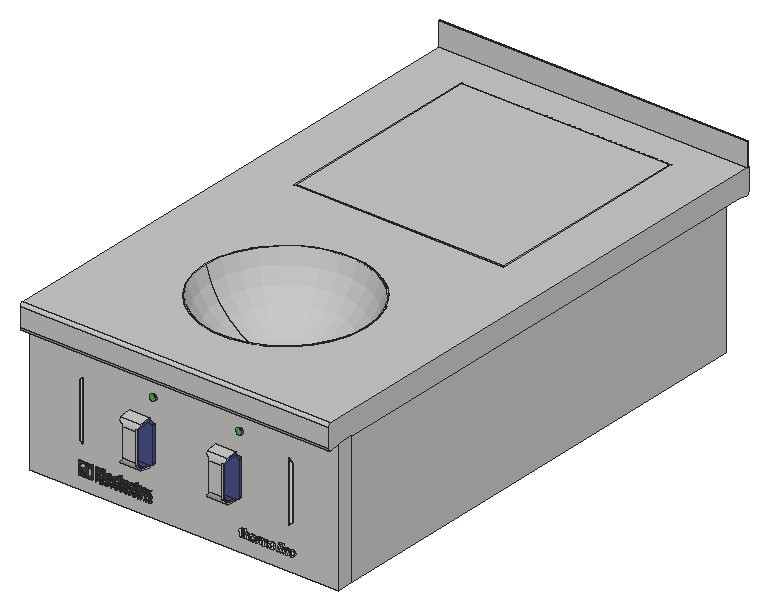
Revit family "QF_ELECTROLUXPROFESSIONAL_588512_MBIJBBEOAO", category Attrezzature speciali, Revit 2020
Family settings
  Quota connettore circolare = Usa diametro
  Tipo di parte = Normale
  Basato su piano di lavoro = No
  Sempre verticale = Sì
  Taglio con vuoti quando caricato = No
  Condiviso = No
  Punto di calcolo locali = No
Parameters (values of type "Standard")
  Weight = 24.00 kg
  Watts = 10000 W
  Volts = 400 V
  URL Manufacturer = "https://www.electroluxprofessional.com/"
  URL = "https://www.electroluxprofessional.com/"
  Steam Supply Size = 0"
  Steam Supply Minimum Pressure = 0.00 psi
  Steam Supply Maximum Pressure = 0.00 psi
  Steam Consumption per Hour = 0
  Refrigeration Suction Line Size = 0 mm
  Refrigeration Liquid Line Size = 0 mm
  Refrigerant Compressor Remote = yes
  Prospetto di default = 0 mm
  Phase = 3
  Modello = "MBIJBBEOAO"
  Produttore = "Electrolux Professional"
  Length Actual = 500 mm  # constant formula
  Item Number = "588512"
  Hot Water Size = 0"
  Height Actual = 250 mm  # constant formula
  HP = "13.4 HP"
  Gas Size = 0"
  Gas KW = 0
  Gas Input Pressure = 0.0 Btu/h
  Direct Waste Size = 0"
  Descrizione = "INDUC.WOK+PLATE,2ZONE,1S,BS,500X850X250H"
  Depth Actual = 850 mm  # constant formula
  Cycle = 50 Hz
  Condensate Return Size = 0"
  Compressed Air Volume = 0 GPM
  Compressed Air Size = 0"
  Compressed Air Pressure = 0.00 psi
  Cold Water Size = 0"
  Accessory = yes
Reference planes
  plane 1 "BACK": y = 0
  plane 2: z = 0
  plane 3 "LEFT": x = 0
  plane 4 "RIGHT": x = 500
  plane 5 "FRONT": y = -850
  plane 6 "TOP": z = 900
  plane 7 "Center (Left/Right)": x = 250
  plane 8 "Center (Back/Front)": y = -425
  plane 9: y = -150
  plane 10: x = 80
  plane 11: x = 420
  plane 12: y = -55
  plane 13: y = -395
  plane 14 "EIx": x = 455
  plane 15 "EIy": y = -635
  plane 16: z = 938
  plane 17 "BaseTop": z = 650
  plane 18: y = -805
  plane 19 "CenterWok": z = 960
  plane 20 "CenterWokY": y = -625
Forms (mm)
  Extrusion 1, solid, material "QF_Finishes_Stainless Steel"
    sketch origin (-178.969, -4572, 100) x (-1, 0, 0) y (0, -1, 0)
      loop
        line (-178.969, -4527) -> (-178.969, -3767) -> (-678.969, -3767) -> (-678.969, -4527) -> (-178.969, -4527)
    from 550 to 762.969
  Extrusion 2, solid, material "QF_Finishes_Stainless Steel"
    sketch origin (0, 0, 650) x (-1, 0, 0) y (0, -1, 0)
      loop
        circle (-455, 635) r 6.35
    from 0 to -11.851
  Extrusion 3, solid, material "QF_Finishes_Stainless Steel"
    sketch origin (250, 296.4, 1219.2) x (0, 1, 0) y (0, 0, 1)
      loop
        line (-296.4, -319.2) -> (-1141.4, -319.2)
        arc (-1141.4, -319.2) -> (-1144.935, -320.664) -> (-1146.4, -324.2) r 5
        line (-1146.4, -324.2) -> (-1146.4, -355.2)
        arc (-1146.4, -355.2) -> (-1144.971, -358.264) -> (-1141.705, -359.139) r 4
        line (-1141.705, -359.139) -> (-1126.4, -356.231) -> (-316.4, -356.231) -> (-301.094, -359.139)
        arc (-301.094, -359.139) -> (-297.829, -358.264) -> (-296.4, -355.2) r 4
        line (-296.4, -355.2) -> (-296.4, -319.2)
    from -250 to 250
  Extrusion 4, solid, material "QF_Finishes_Stainless Steel"
    sketch origin (250, 296.4, 1219.2) x (0, 1, 0) y (0, 0, 1)
      loop
        line (-296.4, -319.2) -> (-296.4, -281.2) -> (-298.4, -281.2) -> (-298.4, -319.2) -> (-296.4, -319.2)
    from 250 to -250
  Revolve 5, void
    sketch origin (0, -625, 0) x (-1, 0, 0) y (0, 0, 1)
      loop
        line (-250, 900) -> (-250, 796.046)
        arc (-250, 796.046) -> (-166.56, 825.209) -> (-119.452, 900) r 133.95
        line (-119.452, 900) -> (-250, 900)
      axis (-250, 900) -> (-250, 796.046)
    angle from 0 to 360
  Revolve 6, solid, material "QF_Finishes_Stainless Steel"
    sketch origin (0, -625, 0) x (-1, 0, 0) y (0, 0, 1)
      loop
        arc (-120.643, 900) -> (-167.423, 826.111) -> (-250, 797.321) r 132.823
        line (-250, 797.321) -> (-250, 796.252)
        arc (-250, 796.252) -> (-166.66, 825.351) -> (-119.546, 900) r 133.892
        line (-119.546, 900) -> (-120.643, 900)
      axis (-250, 796.252) -> (-250, 900)
    angle from 0 to 360
  Extrusion 7, void
    sketch origin (0, 0, 900) x (-1, 0, 0) y (0, -1, 0)
      loop
        line (-80, 55) -> (-80, 395) -> (-420, 395) -> (-420, 55) -> (-80, 55)
    from 0 to -20
  Extrusion 8, solid, material "QF_Finishes_Stainless Steel"
    sketch origin (0, 0, 900) x (-1, 0, 0) y (0, -1, 0)
      loop
        line (-82, 393) -> (-418, 393) -> (-418, 57) -> (-82, 57) -> (-82, 393)
    from 0 to -20
Cuts and joins
  Revolve 5, Extrusion 7 cuts Extrusion 3
  Revolve 5 cuts Extrusion 1
Lines and regions (mm)
  symbolic lines
    curve 1: line (0, 0, 100) -> (500, 0, 100)
    curve 2: line (0, -850, 100) -> (0, 0, 100)
    curve 3: line (500, -850, 100) -> (0, -850, 100)
    curve 4: line (500, 0, 100) -> (500, -850, 100)
    curve 5: line (0, -2, 0) -> (500, -2, 0)
    curve 6: circle (250, -625, 0) r 160 normal (0, 0, 1)
    curve 7: line (80, -55, 900) -> (420, -55, 900)
    curve 8: line (80, -395, 900) -> (80, -55, 900)
    curve 9: line (420, -395, 900) -> (80, -395, 900)
    curve 10: line (420, -55, 900) -> (420, -395, 900)
  model lines
    curve 11: line (88.477, -79.179, 900) -> (102.619, -65.037, 900)
    curve 12: line (102.619, -65.037, 900) -> (397.381, -65.037, 900)
    curve 13: line (103.636, -82.353, 900) -> (89.494, -96.495, 900)
    curve 14: line (89.494, -96.495, 900) -> (89.494, -353.505, 900)
    curve 15: line (225, -225, 900) -> (275, -225, 900)
    curve 16: line (88.477, -370.821, 900) -> (102.619, -384.963, 900)
    curve 17: line (102.619, -384.963, 900) -> (397.381, -384.963, 900)
    curve 18: line (103.636, -367.647, 900) -> (89.494, -353.505, 900)
    curve 19: line (411.523, -79.179, 900) -> (397.381, -65.037, 900)
    curve 20: line (396.364, -82.353, 900) -> (410.506, -96.495, 900)
    curve 21: line (410.506, -96.495, 900) -> (410.506, -353.505, 900)
    curve 22: line (411.523, -370.821, 900) -> (397.381, -384.963, 900)
    curve 23: line (396.364, -367.647, 900) -> (410.506, -353.505, 900)
    curve 24: line (250, -250, 900) -> (250, -200, 900)
Dimensions and locks
  plane 3 "LEFT" to plane 4 "RIGHT" = 500 mm
  locked: plane 5 "FRONT" to plane 1 "BACK" at 850
  equal spacing: plane 3 "LEFT", plane 7 "Center (Left/Right)", plane 4 "RIGHT"
  equal spacing: plane 5 "FRONT", plane 8 "Center (Back/Front)", plane 1 "BACK"
  plane 6 "TOP" to level = 900 mm  (x2)
  plane 1 "BACK" to plane 9 = 150 mm
  plane 1 "BACK" to Extrusion 2 = 635 mm
  locked: plane 14 "EIx" to plane 4 "RIGHT" at 45
  locked: plane 15 "EIy" to plane 1 "BACK" at 635
  plane 16 to plane 6 "TOP" = 38 mm
  plane 12 to plane 1 "BACK" = 55 mm
  plane 3 "LEFT" to plane 10 = 80 mm
  plane 11 to plane 4 "RIGHT" = 80 mm
  locked: plane 6 "TOP" to plane 17 "BaseTop" at 250
  locked: plane 18 to plane 5 "FRONT" at 45
  plane 19 "CenterWok" to plane 6 "TOP" = 60 mm
  plane 5 "FRONT" to plane 20 "CenterWokY" = 225 mm
  plane 13 to plane 12 = 340 mm
  aligned and locked: level to plane 2
  aligned and locked: nested 1 to plane 18
  aligned and locked: Extrusion 1 to plane 18
  aligned and locked: Extrusion 4 to plane 3 "LEFT"
  aligned and locked: Extrusion 4 to plane 4 "RIGHT"
  aligned and locked: plane 3 "LEFT" to nested 1
Automatic sketch dimensions
  Extrusion 2 sketch curve to plane 14 "EIx" = 0 mm
  Extrusion 2 sketch curve to plane 15 "EIy" = 0 mm
  Extrusion 4 sketch curve to plane 6 "TOP" = 0 mm
  Extrusion 4 sketch curve to plane 16 = 0 mm
  Extrusion 4 sketch curve to plane 1 "BACK" = 0 mm
  Extrusion 4 sketch curve to Extrusion 4 sketch curve = 2 mm
  Extrusion 7 sketch curve to plane 11 = 0 mm
  Extrusion 7 sketch curve to plane 10 = 0 mm
  plane 12 to Extrusion 7 sketch curve = 0 mm
  plane 13 to Extrusion 7 sketch curve = 0 mm
  Extrusion 8 sketch curve to plane 13 = 2 mm
  plane 11 to Extrusion 8 sketch curve = 2 mm
  Extrusion 8 sketch curve to plane 10 = 2 mm
  plane 12 to Extrusion 8 sketch curve = 2 mm
  Extrusion 3 sketch curve to plane 5 "FRONT" = 0 mm
  Extrusion 3 sketch curve to plane 6 "TOP" = 0 mm
  Extrusion 3 sketch curve to plane 1 "BACK" = 0 mm
  Extrusion 3 sketch curve to Extrusion 3 sketch curve = 4 mm
  Extrusion 3 sketch curve to Extrusion 3 sketch curve = 0.695 mm
  Extrusion 3 sketch curve to plane 5 "FRONT" = 5 mm
  Extrusion 3 sketch curve to Extrusion 3 sketch curve = 15.305 mm
  plane 1 "BACK" to Extrusion 3 sketch curve = 20 mm
  plane 1 "BACK" to Extrusion 3 sketch curve = 4.695 mm
  plane 1 "BACK" to Extrusion 3 sketch curve = 4 mm
  Extrusion 3 sketch curve to Extrusion 3 sketch curve = 31 mm
  Extrusion 3 sketch curve to Extrusion 3 sketch curve = 36 mm
  Extrusion 3 sketch curve to Extrusion 3 sketch curve = 2.909 mm
  curve 5 to plane 3 "LEFT" = 0 mm
  curve 6 to plane 7 "Center (Left/Right)" = 0 mm
  curve 5 to plane 4 "RIGHT" = 0 mm
  curve 6 to plane 20 "CenterWokY" = 0 mm
  plane 1 "BACK" to curve 5 = 2 mm
  Extrusion 1 sketch curve to plane 4 "RIGHT" = 0 mm
  Extrusion 1 sketch curve to plane 3 "LEFT" = 0 mm
  Extrusion 1 sketch curve to plane 18 = 0 mm
  Extrusion 1 sketch curve to plane 12 = 10 mm
  plane 1 "BACK" to curve 1 = 0 mm
  curve 1 to plane 4 "RIGHT" = 0 mm
  curve 3 to plane 3 "LEFT" = 0 mm
  plane 5 "FRONT" to curve 3 = 0 mm
  Revolve 5 sketch curve to plane 7 "Center (Left/Right)" = 0 mm  (x2)
  Revolve 5 sketch curve to plane 6 "TOP" = 0 mm
  Revolve 5 sketch curve to plane 10 = 39.452 mm
  Revolve 5 sketch curve to plane 6 "TOP" = 103.954 mm
  Revolve 5 sketch curve to Revolve 5 sketch curve = 0 mm
  plane 19 "CenterWok" to Revolve 5 sketch curve = 139.996 mm
  Revolve 6 sketch curve to Revolve 6 sketch curve = 0 mm  (x2)
  Revolve 6 sketch curve to plane 7 "Center (Left/Right)" = 0 mm  (x2)
  Revolve 6 sketch curve to plane 6 "TOP" = 0 mm
  Revolve 6 sketch curve to plane 10 = 40.643 mm
  Revolve 6 sketch curve to Revolve 6 sketch curve = 1.098 mm
  Revolve 6 sketch curve to plane 6 "TOP" = 102.679 mm
  Revolve 6 sketch curve to Revolve 6 sketch curve = 3.331 mm
  plane 16 to Revolve 6 sketch curve = 2.653 mm
  curve 10 to plane 11 = 0 mm
  curve 24 to plane 7 "Center (Left/Right)" = 0 mm
  curve 8 to plane 10 = 0 mm
  plane 12 to curve 7 = 0 mm
  plane 13 to curve 10 = 0 mm
  plane 11 to curve 21 = 9.494 mm
  plane 12 to curve 12 = 10.037 mm
  plane 11 to curve 12 = 22.619 mm
  curve 17 to plane 13 = 10.037 mm
  plane 11 to curve 17 = 22.619 mm
  curve 12 to plane 10 = 22.619 mm
  curve 16 to plane 10 = 22.619 mm
  curve 14 to plane 10 = 9.494 mm
  curve 11 to curve 13 = 31.458 mm
  curve 12 to curve 21 = 31.458 mm
  curve 23 to curve 17 = 31.458 mm
  curve 14 to curve 16 = 31.458 mm
  plane 11 to curve 19 = 8.477 mm
  plane 11 to curve 22 = 8.477 mm
  curve 22 to curve 23 = 15.16 mm
  curve 19 to curve 20 = 15.16 mm
  curve 15 to plane 7 "Center (Left/Right)" = 25 mm
  curve 18 to curve 16 = 1.017 mm
  curve 13 to curve 11 = 1.017 mm
  curve 11 to plane 10 = 8.477 mm
  curve 16 to plane 10 = 8.477 mm
  curve 11 to curve 13 = 17.316 mm
  curve 19 to curve 20 = 17.316 mm
  curve 11 to curve 13 = 3.173 mm
  curve 19 to curve 20 = 3.173 mm
  curve 23 to curve 17 = 17.316 mm
  curve 18 to curve 16 = 17.316 mm
  curve 18 to curve 16 = 3.173 mm
  curve 23 to curve 22 = 3.173 mm
  plane 7 "Center (Left/Right)" to curve 15 = 25 mm
  curve 24 to plane 9 = 50 mm
  curve 24 to curve 15 = 25 mm
  curve 15 to curve 24 = 25 mm
  radius of Extrusion 2 sketch curve = 6.35 mm
  radius of curve 6 = 160 mm
Nested families
  nested 1: "Front_Panel_W500_2 Knobs_Spie" at (52.376, -805, 0), type "Front_Panel_W500_2 Knobs_Spie"
Connectors
  electrical at (455, -635, 638.149)
    settings: on Extrusion 2, index 1, voltage 400 V, apparent load 33000 VA, apparent load phase1 0 VA, apparent load phase2 0 VA, apparent load phase3 0 VA, power factor 1, load classification "Other", number of poles 1, system type 30, power factor state 1, is connector primary yes, connector utility no, sub classification motor no, connector description "ELECTRICAL CONNECTION"
Definition of nested family "Front_Panel_W500_2 Knobs_Spie"
  Parameters
    Default Elevation = 0 mm
  Reference planes
    plane 1 "Center (Front/Back)": y = 0
    plane 2: z = 0
    plane 3 "Center (Left/Right)": x = 197.624
    plane 4 "Left": x = -52.376
    plane 5 "Right": x = 447.624
    plane 6: y = -45
    plane 7 "Panel": y = -25
  Forms (mm)
    Extrusion 1, solid
      sketch origin (833.217, 829.203, -1.25) x (0, 1, 0) y (0, 0, 1)
        loop
          line (-854.203, 651.25) -> (-829.203, 651.25) -> (-829.203, 864.25) -> (-854.203, 864.25) -> (-854.203, 651.25)
      from -885.593 to -385.593
    Extrusion 2, void
      sketch origin (0, -25, -10) x (0, 0, 1) y (-1, 0, 0)
        loop
          line (731.866, -27.624) -> (726.866, -32.624) -> (823.866, -32.624) -> (818.866, -27.624) -> (731.866, -27.624)
        loop
          line (731.866, -372.624) -> (818.866, -372.624) -> (823.866, -367.624) -> (726.866, -367.624) -> (731.866, -372.624)
      from 0 to -2
    Extrusion 3, solid
      sketch origin (160, -25, 1.163) x (0, 0, 1) y (-1, 0, 0)
        loop
          circle (824.337, 12.376) r 5
      from 0 to 1.7
    Extrusion 4, solid
      sketch origin (0, -25, -10) x (0, 0, 1) y (-1, 0, 0)
        loop
          line (731.866, -27.624) -> (726.866, -32.624) -> (823.866, -32.624) -> (818.866, -27.624) -> (731.866, -27.624)
        loop
          line (726.866, -367.624) -> (731.866, -372.624) -> (818.866, -372.624) -> (823.866, -367.624) -> (726.866, -367.624)
      from 0 to -2
    Extrusion 5, solid
      sketch origin (300, -25, 1.163) x (0, 0, 1) y (-1, 0, 0)
        loop
          circle (824.337, 12.376) r 5
      from 0 to 1.7
  Cuts and joins
    Extrusion 2 cuts Extrusion 1
  Dimensions and locks
    equal spacing: plane 5 "Right", plane 3 "Center (Left/Right)", plane 4 "Left"
    plane 5 "Right" to plane 4 "Left" = 500 mm
    aligned and locked: cut or joined group of Extrusion 1, Extrusion 2 to plane 4 "Left"
    aligned and locked: plane 5 "Right" to cut or joined group of Extrusion 1, Extrusion 2
  Automatic sketch dimensions
    Extrusion 1 sketch curve to plane 7 "Panel" = 0 mm
    Extrusion 1 sketch curve to plane 1 "Center (Front/Back)" = 0 mm
    level to Extrusion 1 sketch curve = 650 mm
    Extrusion 1 sketch curve to Extrusion 1 sketch curve = 213 mm
    Extrusion 2 sketch curve to plane 5 "Right" = 80 mm
    level to Extrusion 2 sketch curve = 716.866 mm
    plane 4 "Left" to Extrusion 2 sketch curve = 85 mm
    Extrusion 2 sketch curve to Extrusion 2 sketch curve = 0 mm
    plane 4 "Left" to Extrusion 2 sketch curve = 80 mm
    Extrusion 2 sketch curve to Extrusion 2 sketch curve = 5 mm  (x4)
    Extrusion 2 sketch curve to plane 5 "Right" = 75 mm
    Extrusion 2 sketch curve to Extrusion 2 sketch curve = 87 mm  (x2)
    Extrusion 3 sketch curve to plane 3 "Center (Left/Right)" = 50 mm
    level to Extrusion 3 sketch curve = 825.5 mm
    Extrusion 4 sketch curve to plane 5 "Right" = 80 mm
    level to Extrusion 4 sketch curve = 716.866 mm
    plane 4 "Left" to Extrusion 4 sketch curve = 85 mm
    Extrusion 4 sketch curve to Extrusion 4 sketch curve = 0 mm
    Extrusion 4 sketch curve to Extrusion 4 sketch curve = 5 mm  (x5)
    plane 4 "Left" to Extrusion 4 sketch curve = 80 mm
    Extrusion 4 sketch curve to Extrusion 4 sketch curve = 87 mm  (x2)
    plane 3 "Center (Left/Right)" to Extrusion 5 sketch curve = 90 mm
    level to Extrusion 5 sketch curve = 825.5 mm
    radius of Extrusion 3 sketch curve = 5 mm
    radius of Extrusion 5 sketch curve = 5 mm
  Nested families
    nested 1: "Range Control Handle" at (127.624, -28.137, -209.113) x (-1, 0, 0) z (0, 0, 1), type "Range Control Handle"
    nested 2: "ELX_ThermaLine_Small" at (328.825, -25, 679.391) x (1, 0, 0) z (0, -1, 0), type "ELX_ThermaLine_Small"
      with Show Logo yes, Material_Logo none
    nested 3: "ELX_Professional_Logo_Small" at (87.097, -25, 681.624) x (1, 0, 0) z (0, -1, 0), type "ELX_Professional_Logo_Small"
      with Show Logo yes, Material_Logo none
    nested 4: "Range Control Handle" at (267.624, -28.137, -209.113) x (-1, 0, 0) z (0, 0, 1), type "Range Control Handle"
  Definition of nested family "Range Control Handle"
    Parameters
      Default Elevation = 0 mm
    Reference planes
      plane 1 "Center (Front/Back)": y = 0
      plane 2: z = 0
      plane 3 "Center (Left/Right)": x = 0
      plane 4: z = 971.092
      plane 5: y = -16.9
    Forms (mm)
      Extrusion 1, solid
        sketch origin (-746.28, 380.497, 208.931) x (-1, 0, 0) y (0, 0, 1)
          loop
            line (-770.101, 786.798) -> (-770.101, 731.649)
            arc (-770.101, 731.649) -> (-769.759, 730.563) -> (-768.855, 729.87) r 1.893
            line (-768.855, 729.87) -> (-763.474, 727.911) -> (-729.81, 727.911) -> (-724.428, 729.87)
            arc (-724.428, 729.87) -> (-723.525, 730.563) -> (-723.183, 731.649) r 1.893
            line (-723.183, 731.649) -> (-723.183, 786.798)
            arc (-723.183, 786.798) -> (-723.529, 787.894) -> (-724.44, 788.593) r 1.91
            line (-724.44, 788.593) -> (-729.683, 790.819) -> (-763.601, 790.819) -> (-768.844, 788.593)
            arc (-768.844, 788.593) -> (-769.755, 787.894) -> (-770.101, 786.798) r 1.91
        from -382.35 to -378.852
      Sweep 2, solid
        path origin (-746.788, 380.496, 208.091) x (0, -1, 0) y (0, 0, 1)
          loop
            line (379.775, 793.281) -> (395.661, 791.048)
            arc (395.661, 791.048) -> (397.781, 787.377) -> (398.517, 783.202) r 12.207
            line (398.517, 783.202) -> (398.517, 737.368)
            arc (398.517, 737.368) -> (397.781, 733.193) -> (395.661, 729.522) r 12.207
            line (395.661, 729.522) -> (379.775, 727.289)
        profile origin (-746.788, -7.222, 1000.256) x (0, -0.139173, 0.990268) y (-1, 0, 0)
          loop
            line (0.782, -763.123) -> (0.782, -730.907) -> (-1.322, -730.907) -> (-1.322, -763.123) -> (0.782, -763.123)
      Sweep 3, solid
        path origin (-746.788, 380.715, 207.832) x (0, -1, 0) y (0, 0, 1)
          loop
            line (380.478, 795.442) -> (397.218, 793.09)
            arc (397.218, 793.09) -> (399.929, 788.473) -> (400.871, 783.202) r 15.207
            line (400.871, 783.202) -> (400.871, 737.584)
            arc (400.871, 737.584) -> (399.914, 732.274) -> (397.164, 727.633) r 15.207
            line (397.164, 727.633) -> (380.601, 725.305)
        profile origin (-746.788, -8.132, 1002.099) x (0, -0.139173, 0.990268) y (-1, 0, 0)
          loop
            line (0.782, -763.123) -> (0.782, -730.907) -> (-1.322, -730.907) -> (-1.322, -763.123) -> (0.782, -763.123)
      Extrusion 4, void
        sketch origin (889.253, 220.666, 207.993) x (1, 0, 0) y (0, 0, 1)
          loop
            line (-943.038, 816.854) -> (-943.038, 703.686) -> (-899.466, 734.196) -> (-899.466, 786.344) -> (-943.038, 816.854)
        from 230.636 to 242.25
      Extrusion 5, void
        sketch origin (-888.8, 220.666, 207.993) x (-1, 0, 0) y (0, 0, -1)
          loop
            line (-943.038, -816.854) -> (-899.466, -786.344) -> (-899.466, -734.196) -> (-943.038, -703.686) -> (-943.038, -816.854)
        from 230.636 to 242.25
      Extrusion 6, solid
        sketch origin (0, 0, 0) x (1, 0, 0) y (0, 0, 1)
          loop
            circle (0, 971.092) r 7.736
        from -3.137 to -1.645
    Cuts and joins
      Extrusion 4, Extrusion 5 cuts Sweep 3
      Extrusion 4, Extrusion 5 cuts Sweep 2
      joined: Extrusion 1, Extrusion 6
    Lines and regions (mm)
      symbolic lines
        curve 1: line (16.334, -16.9, 0) -> (16.334, -19.227, 0)
        curve 2: spline (16.334, -19.227, 0) -> (15.87, -19.385, 0) -> (15.404, -19.536, 0) -> (14.936, -19.678, 0) -> (14.466, -19.813, 0) -> (13.995, -19.94, 0) -> (13.523, -20.059, 0) -> (13.049, -20.171, 0) -> (12.575, -20.274, 0) -> (12.099, -20.37, 0) -> (11.622, -20.458, 0) -> (11.144, -20.537, 0) -> (10.666, -20.609, 0)
        curve 3: line (10.666, -16.9, 0) -> (10.666, -20.938, 0)
        curve 4: line (-10.213, -20.938, 0) -> (10.666, -20.938, 0)
        curve 5: line (-10.213, -20.938, 0) -> (-10.213, -16.9, 0)
        curve 6: spline (-10.213, -20.609, 0) -> (-10.691, -20.537, 0) -> (-11.169, -20.458, 0) -> (-11.646, -20.37, 0) -> (-12.122, -20.274, 0) -> (-12.597, -20.171, 0) -> (-13.07, -20.059, 0) -> (-13.542, -19.94, 0) -> (-14.013, -19.813, 0) -> (-14.483, -19.678, 0) -> (-14.951, -19.536, 0) -> (-15.417, -19.385, 0) -> (-15.881, -19.227, 0)
        curve 7: line (-15.881, -19.227, 0) -> (-15.881, -16.9, 0)
  Definition of nested family "ELX_ThermaLine_Small"
    Parameters
      Show Logo [instance] = yes
      Material_Logo [instance] = none
      Default Elevation = 0 mm
    Reference planes
      plane 1 "Centro (Fronte/Retro)": y = 0
      plane 2: z = 0
      plane 3 "Centro (Sinistra/Destra)": x = 0
    Forms (mm)
      Extrusion 1, solid
        sketch origin (0, 0, 0) x (1, 0, 0) y (0, 1, 0)
          loop
            line (-1219.2, 1219.2) -> (-1219.2, -1219.2) -> (1219.2, -1219.2) -> (1219.2, 1219.2) -> (-1219.2, 1219.2)
        from 0 to -304.8
      Extrusion 2, solid
        sketch origin (0, 0, 0) x (1, 0, 0) y (0, 1, 0)
          loop
            line (-37.494, 1.229) -> (-35.908, 1.229) -> (-35.908, 3.066) -> (-37.494, 3.066) -> (-37.494, 6.221) -> (-39.867, 4.881) -> (-39.867, 3.066) -> (-40.969, 3.066) -> (-40.969, 1.229) -> (-39.867, 1.229) -> (-39.867, -3.407)
            arc (-39.867, -3.407) -> (-38.982, -5.513) -> (-36.751, -6.001) r 2.478
            line (-36.751, -6.001) -> (-35.638, -5.7) -> (-35.9, -3.835) -> (-36.661, -4.039)
            arc (-36.661, -4.039) -> (-37.236, -3.924) -> (-37.494, -3.399) r 0.662
            line (-37.494, -3.399) -> (-37.494, 1.229)
          loop
            line (-34.242, 6.539) -> (-34.242, -5.848) -> (-31.854, -5.848) -> (-31.854, -0.078)
            arc (-31.854, -0.078) -> (-30.939, 1.249) -> (-29.33, 1.367) r 1.866
            arc (-29.33, 1.367) -> (-28.695, 0.768) -> (-28.461, -0.073) r 1.627
            line (-28.461, -0.073) -> (-28.461, -5.848) -> (-26.086, -5.848) -> (-26.064, -0.46)
            arc (-26.064, -0.46) -> (-26.261, 0.932) -> (-26.786, 2.237) r 5.825
            arc (-26.786, 2.237) -> (-29.381, 3.264) -> (-31.854, 1.971) r 3.353
            line (-31.854, 1.971) -> (-31.854, 6.539) -> (-34.242, 6.539)
          loop
            arc (-18.398, -0.598) -> (-18.893, 0.879) -> (-20.326, 1.487) r 1.897
            arc (-20.326, 1.487) -> (-21.461, 0.708) -> (-21.897, -0.598) r 2.164
            line (-21.897, -0.598) -> (-18.398, -0.598)
          loop
            arc (-16.021, -2.044) -> (-16.754, 1.227) -> (-19.444, 3.226) r 4.814
            arc (-19.444, 3.226) -> (-22.137, 2.788) -> (-23.943, 0.743) r 4.054
            arc (-23.943, 0.743) -> (-24.382, -1.249) -> (-24.162, -3.276) r 6.289
            arc (-24.162, -3.276) -> (-23.302, -4.71) -> (-21.958, -5.705) r 4.28
            arc (-21.958, -5.705) -> (-18.558, -5.814) -> (-16.152, -3.409) r 4.28
            line (-16.152, -3.409) -> (-18.5, -2.995)
            arc (-18.5, -2.995) -> (-19.273, -3.994) -> (-20.533, -4.076) r 1.536
            arc (-20.533, -4.076) -> (-21.56, -3.281) -> (-21.958, -2.044) r 2.197
            line (-21.958, -2.044) -> (-16.021, -2.044)
          loop
            line (-14.165, -5.848) -> (-11.819, -5.848) -> (-11.819, -2.138)
            arc (-11.819, -2.138) -> (-11.787, -1.156) -> (-11.637, -0.185) r 8.18
            arc (-11.637, -0.185) -> (-10.644, 0.972) -> (-9.132, 0.776) r 1.603
            line (-9.132, 0.776) -> (-8.419, 2.846)
            arc (-8.419, 2.846) -> (-10.432, 3.118) -> (-11.994, 1.821) r 2.527
            line (-11.994, 1.821) -> (-11.994, 3.094) -> (-14.165, 3.094) -> (-14.165, -5.848)
          loop
            line (-7.579, 3.094) -> (-7.579, -5.848) -> (-5.178, -5.848) -> (-5.178, -0.756)
            arc (-5.178, -0.756) -> (-4.727, 0.679) -> (-3.417, 1.419) r 2.05
            arc (-3.417, 1.419) -> (-2.499, 0.908) -> (-2.155, -0.085) r 1.471
            line (-2.155, -0.085) -> (-2.155, -5.848) -> (0.23, -5.848) -> (0.23, -1.001)
            arc (0.23, -1.001) -> (0.47, 0.127) -> (1.148, 1.061) r 2.775
            arc (1.148, 1.061) -> (2.225, 1.329) -> (3.05, 0.587) r 1.182
            arc (3.05, 0.587) -> (3.199, -0.019) -> (3.214, -0.642) r 2.894
            line (3.214, -0.642) -> (3.214, -5.848) -> (5.601, -5.848) -> (5.601, 0.261)
            arc (5.601, 0.261) -> (4.87, 2.263) -> (2.976, 3.241) r 2.932
            arc (2.976, 3.241) -> (1.284, 2.973) -> (-0.047, 1.896) r 3.309
            arc (-0.047, 1.896) -> (-1.116, 2.865) -> (-2.506, 3.258) r 3.16
            arc (-2.506, 3.258) -> (-4.105, 2.942) -> (-5.376, 1.92) r 3.419
            line (-5.376, 1.92) -> (-5.376, 3.094) -> (-7.579, 3.094)
          loop
            line (7.583, 0.738) -> (9.702, 0.364)
            arc (9.702, 0.364) -> (11.441, 1.492) -> (12.855, -0.023) r 1.613
            line (12.855, -0.023) -> (9.782, -0.789)
            arc (9.782, -0.789) -> (8.559, -1.346) -> (7.617, -2.305) r 3.687
            arc (7.617, -2.305) -> (7.499, -3.681) -> (7.901, -5.003) r 3.651
            arc (7.901, -5.003) -> (9.107, -5.766) -> (10.515, -6.006) r 3.635
            arc (10.515, -6.006) -> (11.898, -5.697) -> (13.067, -4.895) r 3.734
            line (13.067, -4.895) -> (13.376, -5.848) -> (15.75, -5.848) -> (15.212, -4.193) -> (15.212, 0.38)
            arc (15.212, 0.38) -> (14.897, 1.849) -> (13.818, 2.895) r 2.585
            arc (13.818, 2.895) -> (11.792, 3.442) -> (9.719, 3.11) r 5.005
            arc (9.719, 3.11) -> (8.369, 2.178) -> (7.583, 0.738) r 3.54
          loop
            line (19.723, -5.848) -> (22.233, -5.848) -> (24.854, 6.484) -> (22.345, 6.484) -> (19.723, -5.848)
          loop
            line (24.583, -5.848) -> (26.953, -5.848) -> (28.848, 3.066) -> (26.478, 3.066) -> (24.583, -5.848)
          loop
            line (27.204, 6.484) -> (26.741, 4.305) -> (29.111, 4.305) -> (29.575, 6.484) -> (27.204, 6.484)
          loop
            line (29.355, -5.848) -> (31.849, -5.848) -> (33.098, 0.028)
            arc (33.098, 0.028) -> (34.169, 1.306) -> (35.832, 1.422) r 2.132
            arc (35.832, 1.422) -> (36.324, 0.752) -> (36.383, -0.078) r 1.5
            line (36.383, -0.078) -> (35.157, -5.848) -> (37.536, -5.848) -> (38.936, 0.738)
            arc (38.936, 0.738) -> (38.775, 2.091) -> (37.825, 3.066) r 2.118
            arc (37.825, 3.066) -> (35.392, 3.175) -> (33.295, 1.937) r 4.271
            line (33.295, 1.937) -> (33.535, 3.066) -> (31.25, 3.066) -> (29.355, -5.848)
          loop
            line (42.792, -0.64) -> (46.589, -0.64)
            arc (46.589, -0.64) -> (46.639, 0.124) -> (46.327, 0.823) r 1.589
            arc (46.327, 0.823) -> (45.117, 1.521) -> (43.762, 1.183) r 1.865
            arc (43.762, 1.183) -> (43.141, 0.344) -> (42.792, -0.64) r 3.538
          loop
            line (42.565, -2.138) -> (48.593, -2.138)
            arc (48.593, -2.138) -> (48.58, 0.597) -> (46.983, 2.818) r 4.494
            arc (46.983, 2.818) -> (44.191, 3.28) -> (41.725, 1.891) r 4.26
            arc (41.725, 1.891) -> (40.503, -0.3) -> (40.284, -2.799) r 6.003
            arc (40.284, -2.799) -> (40.959, -4.468) -> (42.377, -5.576) r 3.482
            arc (42.377, -5.576) -> (44.265, -5.961) -> (46.152, -5.576) r 4.823
            arc (46.152, -5.576) -> (47.432, -4.731) -> (48.328, -3.485) r 4.245
            line (48.328, -3.485) -> (46.168, -3.105)
            arc (46.168, -3.105) -> (45.214, -4.072) -> (43.859, -4.181) r 1.953
            arc (43.859, -4.181) -> (42.821, -3.408) -> (42.565, -2.138) r 1.81
          loop
            line (12.868, -1.553) -> (10.216, -2.214)
            arc (10.216, -2.214) -> (9.747, -3.136) -> (10.216, -4.058) r 1.14
            arc (10.216, -4.058) -> (11.537, -4.249) -> (12.614, -3.46) r 1.763
            arc (12.614, -3.46) -> (12.858, -2.522) -> (12.868, -1.553) r 3.97
        from 0 to 1.6
    Dimensions and locks
      aligned and locked: plane 2 to Extrusion 1
      aligned and locked: level to Extrusion 1
  Definition of nested family "ELX_Professional_Logo_Small"
    Parameters
      Show Logo [instance] = yes
      Material_Logo [instance] = none
      Default Elevation = 0 mm
    Reference planes
      plane 1 "Centro (Fronte/Retro)": y = 0
      plane 2: z = 0
      plane 3 "Centro (Sinistra/Destra)": x = 0
    Forms (mm)
      Extrusion 1, solid
        sketch origin (0, 0, 0) x (1, 0, 0) y (0, 1, 0)
          loop
            line (-1219.2, 1219.2) -> (-1219.2, -1219.2) -> (1219.2, -1219.2) -> (1219.2, 1219.2) -> (-1219.2, 1219.2)
        from 0 to -304.8
      Extrusion 2, solid, material <- "Material_Logo"
        sketch origin (15.5, 0, 0) x (1, 0, 0) y (0, 1, 0)
          loop
            spline (-42.99, -1.24) -> (-43.195, -1.231) -> (-43.415, -1.203) -> (-43.642, -1.152) -> (-43.87, -1.074) -> (-44.095, -0.966) -> (-44.309, -0.825) -> (-44.506, -0.647) -> (-44.681, -0.429) -> (-44.828, -0.167) -> (-44.94, 0.142) -> (-45.011, 0.501) -> (-45.037, 0.915)
            line (-45.037, 0.915) -> (-45.037, 2.748) -> (-38.984, 2.748) -> (-38.984, 5.086) -> (-45.038, 5.086) -> (-45.038, 8.489) -> (-38.599, 8.489) -> (-38.599, 10.82) -> (-47.515, 10.82) -> (-47.515, 1.021)
            spline (-47.515, 1.021) -> (-47.493, 0.418) -> (-47.425, -0.15) -> (-47.311, -0.682) -> (-47.15, -1.175) -> (-46.939, -1.628) -> (-46.678, -2.038) -> (-46.365, -2.404) -> (-46, -2.723) -> (-45.58, -2.995) -> (-45.105, -3.216) -> (-44.573, -3.385) -> (-43.983, -3.499)
            line (-43.983, -3.499) -> (-43.01, -3.569) -> (-38.426, -3.569) -> (-38.426, -1.24) -> (-42.99, -1.24)
          loop
            line (-36.666, 4.021) -> (-36.666, -3.573) -> (-34.188, -3.573) -> (-34.188, 10.824) -> (-36.666, 10.824) -> (-36.666, 4.021)
          loop
            spline (-21.915, 1.897) -> (-21.957, 2.615) -> (-22.082, 3.303) -> (-22.285, 3.955) -> (-22.563, 4.564) -> (-22.913, 5.124) -> (-23.331, 5.629) -> (-23.814, 6.074) -> (-24.359, 6.451) -> (-24.961, 6.755) -> (-25.618, 6.98) -> (-26.326, 7.119) -> (-27.081, 7.167)
            spline (-27.081, 7.167) -> (-27.853, 7.122) -> (-28.586, 6.99) -> (-29.275, 6.774) -> (-29.915, 6.478) -> (-30.5, 6.104) -> (-31.024, 5.657) -> (-31.483, 5.138) -> (-31.871, 4.553) -> (-32.182, 3.904) -> (-32.411, 3.194) -> (-32.552, 2.427) -> (-32.6, 1.606)
            spline (-32.6, 1.606) -> (-32.553, 0.805) -> (-32.416, 0.057) -> (-32.193, -0.637) -> (-31.887, -1.271) -> (-31.504, -1.843) -> (-31.048, -2.35) -> (-30.523, -2.788) -> (-29.934, -3.154) -> (-29.284, -3.444) -> (-28.579, -3.656) -> (-27.822, -3.785) -> (-27.019, -3.829)
            spline (-27.019, -3.829) -> (-26.627, -3.82) -> (-26.239, -3.79) -> (-25.856, -3.739) -> (-25.477, -3.663) -> (-25.103, -3.562) -> (-24.734, -3.432) -> (-24.369, -3.273) -> (-24.01, -3.082) -> (-23.655, -2.858) -> (-23.305, -2.597) -> (-22.96, -2.299) -> (-22.621, -1.962)
            line (-22.621, -1.962) -> (-24.114, -0.509)
            spline (-24.114, -0.509) -> (-24.311, -0.699) -> (-24.509, -0.872) -> (-24.71, -1.03) -> (-24.915, -1.172) -> (-25.126, -1.297) -> (-25.346, -1.407) -> (-25.576, -1.5) -> (-25.817, -1.576) -> (-26.072, -1.636) -> (-26.342, -1.678) -> (-26.629, -1.704) -> (-26.936, -1.713)
            spline (-26.936, -1.713) -> (-27.384, -1.691) -> (-27.805, -1.625) -> (-28.196, -1.518) -> (-28.556, -1.372) -> (-28.882, -1.187) -> (-29.174, -0.966) -> (-29.429, -0.71) -> (-29.645, -0.422) -> (-29.821, -0.102) -> (-29.955, 0.247) -> (-30.045, 0.623) -> (-30.089, 1.026)
            line (-30.089, 1.026) -> (-21.956, 1.026) -> (-21.915, 1.897)
          loop
            spline (-24.446, 2.769) -> (-24.47, 3.075) -> (-24.54, 3.37) -> (-24.654, 3.65) -> (-24.807, 3.913) -> (-24.996, 4.156) -> (-25.219, 4.376) -> (-25.472, 4.57) -> (-25.753, 4.736) -> (-26.057, 4.869) -> (-26.382, 4.968) -> (-26.724, 5.03) -> (-27.081, 5.051)
            spline (-27.081, 5.051) -> (-27.464, 5.03) -> (-27.832, 4.97) -> (-28.183, 4.872) -> (-28.513, 4.74) -> (-28.819, 4.577) -> (-29.099, 4.384) -> (-29.347, 4.165) -> (-29.563, 3.923) -> (-29.742, 3.659) -> (-29.881, 3.377) -> (-29.977, 3.079) -> (-30.027, 2.769)
            line (-30.027, 2.769) -> (-24.446, 2.769)
          loop
            spline (-18.167, 1.669) -> (-18.138, 2.13) -> (-18.055, 2.567) -> (-17.921, 2.978) -> (-17.739, 3.358) -> (-17.512, 3.705) -> (-17.243, 4.016) -> (-16.937, 4.287) -> (-16.596, 4.517) -> (-16.223, 4.7) -> (-15.823, 4.835) -> (-15.398, 4.919) -> (-14.951, 4.947)
            spline (-14.951, 4.947) -> (-14.677, 4.938) -> (-14.414, 4.913) -> (-14.162, 4.871) -> (-13.921, 4.812) -> (-13.69, 4.738) -> (-13.467, 4.649) -> (-13.254, 4.544) -> (-13.048, 4.424) -> (-12.85, 4.291) -> (-12.659, 4.143) -> (-12.474, 3.981) -> (-12.295, 3.806)
            line (-12.295, 3.806) -> (-10.76, 5.403)
            spline (-10.76, 5.403) -> (-11.065, 5.709) -> (-11.38, 5.984) -> (-11.703, 6.228) -> (-12.035, 6.443) -> (-12.375, 6.63) -> (-12.723, 6.788) -> (-13.078, 6.92) -> (-13.44, 7.026) -> (-13.809, 7.107) -> (-14.184, 7.164) -> (-14.564, 7.198) -> (-14.951, 7.209)
            spline (-14.951, 7.209) -> (-15.725, 7.161) -> (-16.467, 7.02) -> (-17.169, 6.792) -> (-17.826, 6.482) -> (-18.43, 6.096) -> (-18.976, 5.637) -> (-19.455, 5.112) -> (-19.862, 4.525) -> (-20.19, 3.882) -> (-20.433, 3.189) -> (-20.584, 2.449) -> (-20.635, 1.669)
            spline (-20.635, 1.669) -> (-20.584, 0.889) -> (-20.433, 0.149) -> (-20.19, -0.545) -> (-19.862, -1.187) -> (-19.455, -1.774) -> (-18.976, -2.299) -> (-18.43, -2.758) -> (-17.826, -3.145) -> (-17.169, -3.454) -> (-16.467, -3.682) -> (-15.725, -3.823) -> (-14.951, -3.871)
            spline (-14.951, -3.871) -> (-14.564, -3.86) -> (-14.184, -3.826) -> (-13.809, -3.77) -> (-13.44, -3.689) -> (-13.078, -3.583) -> (-12.723, -3.451) -> (-12.375, -3.292) -> (-12.035, -3.105) -> (-11.703, -2.89) -> (-11.38, -2.646) -> (-11.065, -2.371) -> (-10.76, -2.066)
            line (-10.76, -2.066) -> (-12.295, -0.468)
            spline (-12.295, -0.468) -> (-12.474, -0.643) -> (-12.659, -0.805) -> (-12.85, -0.953) -> (-13.048, -1.087) -> (-13.254, -1.206) -> (-13.467, -1.311) -> (-13.69, -1.4) -> (-13.921, -1.475) -> (-14.162, -1.533) -> (-14.414, -1.575) -> (-14.677, -1.6) -> (-14.951, -1.609)
            spline (-14.951, -1.609) -> (-15.398, -1.581) -> (-15.823, -1.497) -> (-16.223, -1.362) -> (-16.596, -1.179) -> (-16.937, -0.95) -> (-17.243, -0.678) -> (-17.512, -0.367) -> (-17.739, -0.02) -> (-17.921, 0.36) -> (-18.055, 0.771) -> (-18.138, 1.208) -> (-18.167, 1.669)
          loop
            spline (-4.441, -1.243) -> (-4.659, -1.247) -> (-4.894, -1.23) -> (-5.137, -1.19) -> (-5.384, -1.121) -> (-5.628, -1.021) -> (-5.864, -0.884) -> (-6.084, -0.708) -> (-6.283, -0.488) -> (-6.454, -0.219) -> (-6.592, 0.101) -> (-6.69, 0.478) -> (-6.742, 0.914)
            line (-6.742, 0.914) -> (-6.742, 4.587) -> (-4.487, 4.587) -> (-4.487, 6.838) -> (-6.738, 6.838) -> (-6.738, 10.824) -> (-9.217, 10.824) -> (-9.217, 0.773)
            spline (-9.217, 0.773) -> (-9.164, 0.19) -> (-9.068, -0.358) -> (-8.928, -0.87) -> (-8.742, -1.343) -> (-8.511, -1.777) -> (-8.232, -2.168) -> (-7.904, -2.515) -> (-7.527, -2.816) -> (-7.098, -3.069) -> (-6.618, -3.273) -> (-6.084, -3.426) -> (-5.496, -3.525)
            line (-5.496, -3.525) -> (-4.45, -3.573) -> (-4.441, -1.243)
          loop
            spline (3.898, 6.983) -> (3.469, 7.009) -> (3.056, 7.001) -> (2.661, 6.961) -> (2.283, 6.888) -> (1.925, 6.785) -> (1.588, 6.652) -> (1.272, 6.49) -> (0.979, 6.301) -> (0.71, 6.085) -> (0.465, 5.844) -> (0.247, 5.578) -> (0.056, 5.289)
            line (0.056, 5.289) -> (0.056, 6.838) -> (-2.402, 6.838) -> (-2.402, -3.572) -> (0.056, -3.572) -> (0.056, 1.901)
            spline (0.056, 1.901) -> (0.079, 2.316) -> (0.145, 2.703) -> (0.254, 3.06) -> (0.404, 3.386) -> (0.592, 3.679) -> (0.818, 3.938) -> (1.08, 4.162) -> (1.375, 4.348) -> (1.703, 4.495) -> (2.062, 4.602) -> (2.45, 4.668) -> (2.865, 4.69)
            line (2.865, 4.69) -> (3.898, 4.586) -> (3.898, 6.983)
          loop
            spline (15.638, 1.633) -> (15.586, 2.396) -> (15.435, 3.124) -> (15.192, 3.81) -> (14.863, 4.449) -> (14.455, 5.034) -> (13.975, 5.56) -> (13.43, 6.021) -> (12.826, 6.411) -> (12.17, 6.724) -> (11.469, 6.955) -> (10.729, 7.098) -> (9.958, 7.147)
            spline (9.958, 7.147) -> (9.182, 7.098) -> (8.44, 6.955) -> (7.737, 6.724) -> (7.081, 6.411) -> (6.477, 6.021) -> (5.933, 5.56) -> (5.454, 5.034) -> (5.048, 4.449) -> (4.721, 3.81) -> (4.479, 3.124) -> (4.329, 2.396) -> (4.277, 1.633)
            spline (4.277, 1.633) -> (4.329, 0.869) -> (4.479, 0.141) -> (4.721, -0.544) -> (5.048, -1.183) -> (5.454, -1.768) -> (5.933, -2.294) -> (6.477, -2.755) -> (7.081, -3.145) -> (7.737, -3.459) -> (8.44, -3.69) -> (9.182, -3.833) -> (9.958, -3.882)
            spline (9.958, -3.882) -> (10.729, -3.833) -> (11.469, -3.69) -> (12.17, -3.459) -> (12.826, -3.145) -> (13.43, -2.755) -> (13.975, -2.294) -> (14.455, -1.768) -> (14.863, -1.183) -> (15.192, -0.544) -> (15.435, 0.141) -> (15.586, 0.869) -> (15.638, 1.633)
          loop
            spline (13.18, 1.633) -> (13.151, 2.083) -> (13.067, 2.513) -> (12.932, 2.918) -> (12.748, 3.296) -> (12.52, 3.642) -> (12.251, 3.954) -> (11.943, 4.227) -> (11.601, 4.459) -> (11.228, 4.645) -> (10.828, 4.782) -> (10.403, 4.867) -> (9.958, 4.896)
            spline (9.958, 4.896) -> (9.509, 4.867) -> (9.081, 4.782) -> (8.679, 4.645) -> (8.306, 4.459) -> (7.964, 4.227) -> (7.658, 3.954) -> (7.39, 3.642) -> (7.163, 3.296) -> (6.981, 2.918) -> (6.847, 2.513) -> (6.765, 2.083) -> (6.736, 1.633)
            spline (6.736, 1.633) -> (6.765, 1.182) -> (6.847, 0.753) -> (6.981, 0.347) -> (7.163, -0.031) -> (7.39, -0.377) -> (7.658, -0.689) -> (7.964, -0.962) -> (8.306, -1.193) -> (8.679, -1.38) -> (9.081, -1.517) -> (9.509, -1.602) -> (9.958, -1.631)
            spline (9.958, -1.631) -> (10.403, -1.602) -> (10.828, -1.517) -> (11.228, -1.38) -> (11.601, -1.193) -> (11.943, -0.962) -> (12.251, -0.689) -> (12.52, -0.377) -> (12.748, -0.031) -> (12.932, 0.347) -> (13.067, 0.753) -> (13.151, 1.182) -> (13.18, 1.633)
          loop
            line (17.162, 4.269) -> (17.162, -3.573) -> (19.642, -3.573) -> (19.642, 10.824) -> (17.162, 10.824) -> (17.162, 4.269)
          loop
            line (28.581, 6.838) -> (28.581, 0.786)
            spline (28.581, 0.786) -> (28.561, 0.393) -> (28.503, 0.038) -> (28.409, -0.279) -> (28.281, -0.559) -> (28.122, -0.802) -> (27.933, -1.011) -> (27.717, -1.185) -> (27.476, -1.325) -> (27.213, -1.433) -> (26.929, -1.509) -> (26.626, -1.554) -> (26.308, -1.569)
            spline (26.308, -1.569) -> (25.99, -1.554) -> (25.688, -1.509) -> (25.404, -1.434) -> (25.141, -1.326) -> (24.9, -1.187) -> (24.684, -1.014) -> (24.496, -0.807) -> (24.336, -0.565) -> (24.209, -0.288) -> (24.115, 0.026) -> (24.057, 0.376) -> (24.037, 0.765)
            line (24.037, 0.765) -> (24.037, 6.838) -> (21.537, 6.838) -> (21.537, 0.558)
            spline (21.537, 0.558) -> (21.581, -0.153) -> (21.71, -0.8) -> (21.916, -1.384) -> (22.195, -1.904) -> (22.54, -2.362) -> (22.944, -2.757) -> (23.403, -3.09) -> (23.909, -3.362) -> (24.456, -3.572) -> (25.04, -3.722) -> (25.652, -3.811) -> (26.288, -3.841)
            spline (26.288, -3.841) -> (26.929, -3.811) -> (27.547, -3.72) -> (28.135, -3.568) -> (28.687, -3.355) -> (29.197, -3.079) -> (29.66, -2.741) -> (30.068, -2.341) -> (30.415, -1.877) -> (30.696, -1.349) -> (30.905, -0.757) -> (31.034, -0.101) -> (31.079, 0.621)
            line (31.079, 0.621) -> (31.079, 6.838) -> (28.581, 6.838)
          loop
            line (40.457, -0.243) -> (38.894, 1.942) -> (40.83, 4.579) -> (42.488, 6.837) -> (39.782, 6.837) -> (37.53, 3.719) -> (35.258, 6.837) -> (32.573, 6.837) -> (34.113, 4.731) -> (36.167, 1.922) -> (34.014, -1.076) -> (32.222, -3.573) -> (34.887, -3.573) -> (37.53, 0.104) -> (40.174, -3.573) -> (42.839, -3.573) -> (40.457, -0.243)
          loop
            line (-46.121, -5.837) -> (-48.039, -5.837) -> (-48.039, -10.814) -> (-47.016, -10.814) -> (-47.016, -9.128) -> (-46.121, -9.128)
            arc (-46.121, -9.128) -> (-44.476, -7.482) -> (-46.121, -5.837) r 1.645
          loop
            line (-46.163, -6.778) -> (-47.016, -6.778) -> (-47.016, -8.187) -> (-46.163, -8.187)
            arc (-46.163, -8.187) -> (-45.458, -7.482) -> (-46.163, -6.778) r 0.704
          loop
            line (-38.313, -5.837) -> (-40.265, -5.837) -> (-40.265, -10.814) -> (-39.241, -10.814) -> (-39.241, -9.1) -> (-38.46, -9.182) -> (-37.48, -10.814) -> (-36.318, -10.814) -> (-37.513, -8.848)
            arc (-37.513, -8.848) -> (-36.888, -8.266) -> (-36.671, -7.441) r 1.536
            arc (-36.671, -7.441) -> (-37.165, -6.305) -> (-38.313, -5.837) r 1.643
          loop
            arc (-38.402, -8.166) -> (-37.707, -7.505) -> (-38.334, -6.778) r 0.696
            line (-38.334, -6.778) -> (-39.241, -6.778) -> (-39.241, -8.166) -> (-38.402, -8.166)
          loop
            circle (-29.965, -8.325) r 2.585
          loop
            circle (-29.965, -8.325) r 1.64
          loop
            line (-23.1, -5.837) -> (-23.1, -10.814) -> (-22.076, -10.814) -> (-22.076, -8.768) -> (-20.204, -8.768) -> (-20.204, -7.828) -> (-22.076, -7.828) -> (-22.076, -6.778) -> (-20.024, -6.778) -> (-20.024, -5.837) -> (-23.1, -5.837)
          loop
            line (-15.802, -5.837) -> (-15.802, -9.2)
            arc (-15.802, -9.2) -> (-15.343, -10.34) -> (-14.209, -10.814) r 1.593
            line (-14.209, -10.814) -> (-12.602, -10.814) -> (-12.602, -10.027) -> (-14.004, -10.027)
            arc (-14.004, -10.027) -> (-14.552, -9.8) -> (-14.779, -9.252) r 0.775
            line (-14.779, -9.252) -> (-14.779, -8.424) -> (-12.789, -8.424) -> (-12.789, -7.642) -> (-14.779, -7.642) -> (-14.779, -6.778) -> (-12.651, -6.778) -> (-12.651, -5.837) -> (-15.802, -5.837)
          loop
            line (-5.909, -7.143) -> (-5.173, -6.638)
            arc (-5.173, -6.638) -> (-5.855, -5.974) -> (-6.781, -5.755) r 1.782
            arc (-6.781, -5.755) -> (-7.397, -5.878) -> (-7.944, -6.189) r 1.974
            arc (-7.944, -6.189) -> (-8.202, -6.5) -> (-8.317, -6.888) r 1.013
            arc (-8.317, -6.888) -> (-8.306, -7.341) -> (-8.192, -7.78) r 1.985
            arc (-8.192, -7.78) -> (-7.749, -8.259) -> (-7.171, -8.563) r 1.928
            arc (-7.171, -8.563) -> (-6.637, -8.779) -> (-6.131, -9.056) r 5.041
            arc (-6.131, -9.056) -> (-5.934, -9.387) -> (-6.09, -9.74) r 0.42
            arc (-6.09, -9.74) -> (-6.631, -9.96) -> (-7.204, -9.845) r 1.016
            arc (-7.204, -9.845) -> (-7.625, -9.603) -> (-7.889, -9.196) r 1.033
            line (-7.889, -9.196) -> (-8.67, -9.686)
            arc (-8.67, -9.686) -> (-8.361, -10.198) -> (-7.908, -10.589) r 1.914
            arc (-7.908, -10.589) -> (-7.334, -10.834) -> (-6.714, -10.896) r 2.063
            arc (-6.714, -10.896) -> (-5.947, -10.743) -> (-5.256, -10.376) r 2.696
            arc (-5.256, -10.376) -> (-4.95, -9.565) -> (-5.108, -8.712) r 1.618
            arc (-5.108, -8.712) -> (-5.448, -8.319) -> (-5.884, -8.035) r 1.876
            arc (-5.884, -8.035) -> (-6.434, -7.789) -> (-6.999, -7.577) r 9.883
            arc (-6.999, -7.577) -> (-7.325, -7.07) -> (-6.854, -6.694) r 0.45
            arc (-6.854, -6.694) -> (-6.329, -6.809) -> (-5.909, -7.143) r 1.197
          loop
            line (1.61, -7.143) -> (2.345, -6.638)
            arc (2.345, -6.638) -> (1.663, -5.974) -> (0.737, -5.755) r 1.782
            arc (0.737, -5.755) -> (0.121, -5.878) -> (-0.425, -6.189) r 1.974
            arc (-0.425, -6.189) -> (-0.683, -6.5) -> (-0.799, -6.888) r 1.013
            arc (-0.799, -6.888) -> (-0.788, -7.341) -> (-0.674, -7.78) r 1.985
            arc (-0.674, -7.78) -> (-0.231, -8.259) -> (0.347, -8.563) r 1.928
            arc (0.347, -8.563) -> (0.881, -8.779) -> (1.387, -9.056) r 5.041
            arc (1.387, -9.056) -> (1.584, -9.387) -> (1.428, -9.74) r 0.42
            arc (1.428, -9.74) -> (0.887, -9.96) -> (0.314, -9.845) r 1.016
            arc (0.314, -9.845) -> (-0.107, -9.603) -> (-0.371, -9.196) r 1.033
            line (-0.371, -9.196) -> (-1.152, -9.686)
            arc (-1.152, -9.686) -> (-0.842, -10.198) -> (-0.39, -10.589) r 1.914
            arc (-0.39, -10.589) -> (0.184, -10.834) -> (0.804, -10.896) r 2.063
            arc (0.804, -10.896) -> (1.572, -10.743) -> (2.263, -10.376) r 2.696
            arc (2.263, -10.376) -> (2.568, -9.565) -> (2.411, -8.712) r 1.618
            arc (2.411, -8.712) -> (2.07, -8.319) -> (1.635, -8.035) r 1.876
            arc (1.635, -8.035) -> (1.084, -7.789) -> (0.519, -7.577) r 9.883
            arc (0.519, -7.577) -> (0.193, -7.07) -> (0.665, -6.694) r 0.45
            arc (0.665, -6.694) -> (1.189, -6.809) -> (1.61, -7.143) r 1.197
          loop
            line (6.801, -5.837) -> (6.801, -10.814) -> (7.825, -10.814) -> (7.825, -5.837) -> (6.801, -5.837)
          loop
            circle (14.724, -8.325) r 1.548
          loop
            circle (14.724, -8.325) r 2.585
          loop
            line (21.59, -10.814) -> (22.623, -10.814) -> (22.623, -7.685) -> (24.9, -10.814) -> (25.895, -10.814) -> (25.895, -5.837) -> (24.861, -5.837) -> (24.861, -9.061) -> (22.585, -5.837) -> (21.59, -5.837) -> (21.59, -10.814)
          loop
            line (31.054, -10.814) -> (31.539, -9.74) -> (33.38, -9.74) -> (33.865, -10.814) -> (34.965, -10.814) -> (32.46, -5.837) -> (29.956, -10.814) -> (31.054, -10.814)
          loop
            line (32.46, -7.698) -> (31.999, -8.719) -> (32.921, -8.719) -> (32.46, -7.698)
          loop
            line (40.047, -9.873) -> (40.047, -5.837) -> (39.024, -5.837) -> (39.024, -10.814) -> (41.961, -10.814) -> (41.961, -9.873) -> (40.047, -9.873)
          loop
            line (-74.986, -10.814) -> (-53.322, -10.814) -> (-53.322, 10.82) -> (-74.986, 10.82) -> (-74.986, -10.814)
          loop
            line (-61.261, 9.758) -> (-61.261, -9.707)
            arc (-61.261, -9.707) -> (-54.066, 0.025) -> (-61.261, 9.758) r 10.18
          loop
            line (-62.251, 8.349) -> (-62.251, 9.758)
            arc (-62.251, 9.758) -> (-70.347, 7.918) -> (-74.247, 0.59) r 9.976
            line (-74.247, 0.59) -> (-71.026, 0.59)
            arc (-71.026, 0.59) -> (-65.274, 2.925) -> (-62.251, 8.349) r 9.351
          loop
            arc (-74.247, -0.539) -> (-70.353, -7.928) -> (-62.251, -9.957) r 10.237
            line (-62.251, -9.957) -> (-62.251, -8.298)
            arc (-62.251, -8.298) -> (-65.274, -2.874) -> (-71.026, -0.539) r 9.351
            line (-71.026, -0.539) -> (-74.247, -0.539)
        from 0 to 1.644
    Dimensions and locks
      aligned and locked: plane 2 to Extrusion 1
      aligned and locked: level to Extrusion 1
